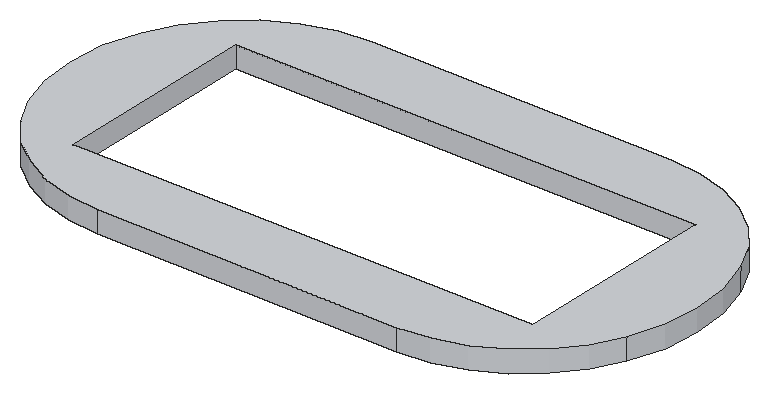
Revit family "Gira_1002135", category Electrical Fixtures, host Face, Revit 2017
Family settings
  Host = Face
  Maintain Annotation Orientation = No
  Round Connector Dimension = Use Diameter
  Part Type = Normal
  Cut with Voids When Loaded = No
  Shared = No
  Room Calculation Point = No
Parameters (values of type "Cov.fr. 2-g w/o cb Gira Studio black gl.")
  URL = "http://katalog.gira.de/en/datenblatt.html?artikelnr=1002135"
  Transparent = "No"
  Name = "Cov.fr. 2-g w/o cb Gira Studio black gl."
  Manufacturer URL = "https://www.gira.de/"
  Manufacturer = "Gira"
  Label space/information surface = "No"
  Keynote = ""
  HeinzeBIM = "https://bimportal.heinze.de/bim/cov-fr-2-g-w-o-cb-gira-studio-black-gl-/4905bdf8fa424e2db474722a7d0329e9e7dcb178"
  HAN = "1002135"
  GTIN = "4010337045724"
  Description = "Cov.fr.2g w o cb Stud. GBk,Gira Studio cover frame,black glass,2-gang without crossbar,Installation in standard device boxes, can be extended as required through installation in device boxes with spacer glands.,For surface-mounted installation: Gira Studio, housing, 1-gang, with cover frame, 1-gang, can be extended as required."
  Default Elevation = 1219.2 mm
  Data sheet (1) = "https://katalog.gira.de/en/download.html?artikelnr=1002135"
  Category = "Cover frame for domestic switching devices"
  BIM (2) = "https://media.stage.bim.site/public/gira/36a6b08/Studio_Rahmen_Tragplatte_2fach o.Mittelsteg.rfa?public/gira/36a6b08/Studio_Rahmen_Tragplatte_2fach o.Mittelsteg.rfa"
  BIM (1) = "https://media.stage.bim.site/public/gira/36a6b08/Studio_Rahmen_Abdeckplatte_2fach o.Mittelsteg.rfa?public/gira/36a6b08/Studio_Rahmen_Abdeckplatte_2fach o.Mittelsteg.rfa"
  Available = "No"
Reference planes
  plane 1 "Center (Front/Back)": y = 0
  plane 2: z = 0
  plane 3 "Center (Left/Right)": x = 0
Forms (mm)
  Extrusion 1, solid, detail levels fine
    sketch origin (0, 0, 0) x (0, -1, 0) y (1, 0, 0)
      loop
        arc (-47.5, -41.55) -> (-39.942, -66.512) -> (-19.808, -83.088) r 45
        arc (-19.808, -83.088) -> (0, -87.05) -> (19.808, -83.088) r 51.5
        arc (19.808, -83.088) -> (39.942, -66.512) -> (47.5, -41.55) r 45
        line (47.5, -41.55) -> (47.5, 41.55)
        arc (47.5, 41.55) -> (39.942, 66.512) -> (19.808, 83.088) r 45
        arc (19.808, 83.088) -> (0, 87.05) -> (-19.808, 83.088) r 51.5
        arc (-19.808, 83.088) -> (-39.942, 66.512) -> (-47.5, 41.55) r 45
        line (-47.5, 41.55) -> (-47.5, -41.55)
      loop
        line (-28.2, -63.75) -> (28.2, -63.75) -> (28.2, 63.75) -> (-28.2, 63.75) -> (-28.2, -63.75)
    from 0 to 6
  Extrusion 2, solid, detail levels medium
    sketch origin (0, 0, 0) x (0, -1, 0) y (1, 0, 0)
      loop
        arc (-47.5, -41.55) -> (-39.942, -66.512) -> (-19.808, -83.088) r 45
        arc (-19.808, -83.088) -> (0, -87.05) -> (19.808, -83.088) r 51.5
        arc (19.808, -83.088) -> (39.942, -66.512) -> (47.5, -41.55) r 45
        line (47.5, -41.55) -> (47.5, 41.55)
        arc (47.5, 41.55) -> (39.942, 66.512) -> (19.808, 83.088) r 45
        arc (19.808, 83.088) -> (0, 87.05) -> (-19.808, 83.088) r 51.5
        arc (-19.808, 83.088) -> (-39.942, 66.512) -> (-47.5, 41.55) r 45
        line (-47.5, 41.55) -> (-47.5, -41.55)
    from 0 to 6
  Extrusion 3, solid, detail levels coarse
    sketch origin (0, 0, 0) x (0, -1, 0) y (1, 0, 0)
      loop
        line (-47.5, 87.05) -> (-47.5, -87.05) -> (47.5, -87.05) -> (47.5, 87.05) -> (-47.5, 87.05)
    from 0 to 6
Dimensions and locks
  aligned and locked: plane 2 to host face
  aligned and locked: level to host face
